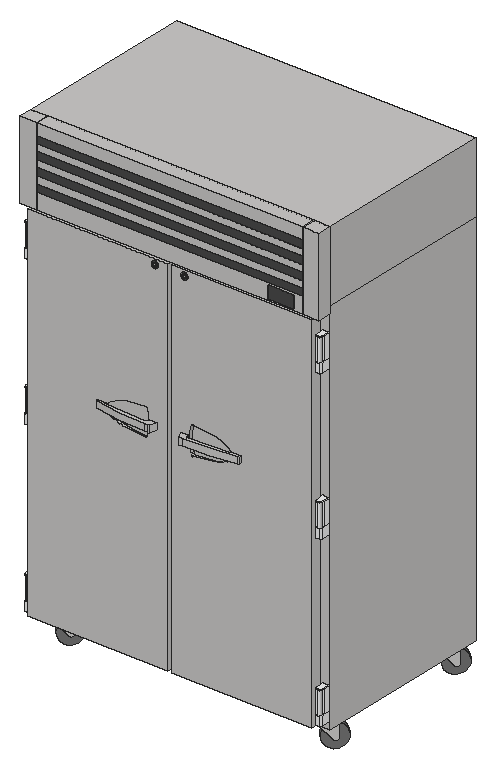
Revit family "QF_Turbo Air_PRO-50R", category Specialty Equipment, Revit 2014
Parameters
  Width = 4' - 3 3/4"  # constant formula
  Weight in Pounds = 485
  Watermarked By = ""
  Volts = 115 V
  URL Cutsheet = ""
  URL = "www.turboairinc.com"
  Status [instance] = ""
  Specification by User [instance] = ""
  Specification by Manufacturer [instance] = ""
  Serial Number [instance] = ""
  Revision Code [instance] = ""
  Phase = 1
  Overall Height [instance] = Box Height + CasterLeg Height  # 6' - 11"
  Number of Poles [instance] = 1
  NAFEM Spec ID Number [instance] = ""
  Model = "PRO-50R"
  Masterspec [instance] = ""
  Manufacturer = "Turbo Air"  # constant formula
  Door Height = 5' - 3 1/4"  # constant formula
  Description = "Refrigerator, Reach In"
  Assembly Code = "E1090320"
  6 inch Legs [instance] = no
  Item Number [instance] = "-"
  Installed By [instance] = ""
  HP = "1/2"
  Furnished By [instance] = ""
  Foodservice Equipment Identifier = yes
  FL Amps = 9.1 A
  Electrical Remarks [instance] = ""
  Electric Connection Type = ""
  Elec Conn RI Height [instance] = 0' - 0"
  Elec Conn Connection Height = 6' - 4 7/8"
  Cycle = 60 Hz
  Conn Plug = "NEMA 5-15P"
  Casters [instance] = not([6 inch Legs])  # yes
  CasterLeg Height [instance] = if(or([5 inch Casters], [6 inch Legs]), 0' 6", 0' 5")  # 0' - 5"
  CSI MasterFormat = "11 41 13"
  Box Height = 6' - 6"  # constant formula
  Apparent Power = if(Phase = 3, Volts * FL Amps * 1.73, Volts * FL Amps)  # 1046.5 VA
  5 inch Casters [instance] = no
Reference planes (in)
  plane 1 "BACK": y = 0
  plane 2: z = 0
  plane 3 "LEFT": x = -16.56573
  plane 4 "RIGHT": x = 35.18427
  plane 5 "FRONT": y = -33.875
  plane 6 "Box Front": y = -31.5
  plane 7 "Door Clearance": y = -57.75
  plane 8 "TOP": z = 83
  plane 9 "Box Bottom": z = 5
  plane 10 "Door Bottom": z = 5.875
  plane 11 "Door Top": z = 69.125
  plane 12 "Inside Left": x = -14.56573
  plane 13 "Inside Right": x = 33.18427
  plane 14 "Inside Back": y = -2
  plane 15 "Inside Front": y = -29.5
  plane 16 "Inside Top": z = 70.75
  plane 17 "Center LR": x = 9.30927
  plane 18 "Cowl Bottom": z = 69.5
  plane 19 "Left Door Left": x = -15.31573
  plane 20 "Left Door Right": x = 8.93427
  plane 21 "Right Door Left": x = 9.68427
  plane 22 "Right Door Right": x = 33.93427
Forms (in)
  Extrusion 1, solid, material "QF_Stainless-Polished"
    sketch origin (0, 0, 5) x (0, 1, 0) y (-1, 0, 0)
      loop
        line (-31.5, 16.56573) -> (-31.5, 13.81573) -> (-29.5, 13.81573) -> (-29.5, 14.56573) -> (-2, 14.56573) -> (-2, -33.18427) -> (-29.5, -33.18427) -> (-29.5, -32.43427) -> (-31.5, -32.43427) -> (-31.5, -35.18427) -> (0, -35.18427) -> (0, 16.56573) -> (-31.5, 16.56573)
    from 0 to 65.75
  Extrusion 2, solid, material "QF_Stainless-Polished"
    sketch origin (-14.56573, 0, 0) x (0, 1, 0) y (0, 0, 1)
      loop
        line (-29.5, 7.75) -> (-29.5, 5) -> (-2, 5) -> (-2, 7.75) -> (-29.5, 7.75)
      loop
        line (-29.5, 70.75) -> (-29.5, 69.375) -> (-2, 69.375) -> (-2, 70.75) -> (-29.5, 70.75)
    from 0 to 47.75
  Extrusion 3, solid, material "QF_Stainless-Polished"
    sketch origin (-14.56573, 0, 0) x (0, 1, 0) y (0, 0, 1)
      loop
        line (-29.5, 5) -> (-29.5, 8.25) -> (-31.5, 8.25) -> (-31.5, 5) -> (-29.5, 5)
      loop
        line (-31.5, 70.75) -> (-31.5, 67) -> (-29.5, 67) -> (-29.5, 70.75) -> (-31.5, 70.75)
    from 0.75 to 47
  Extrusion 4, solid, material "QF_Stainless-Polished"
    sketch origin (0, 0, 83) x (0, 1, 0) y (-1, 0, 0)
      loop
        line (0, 16.56573) -> (-31.5, 16.56573) -> (-31.5, -35.18427) -> (0, -35.18427) -> (0, 16.56573)
    from 0 to -12.25
  Extrusion 5, solid, material "QF_Stainless-Polished"
    sketch origin (-14.56573, 0, 0) x (0, 1, 0) y (0, 0, 1)
      loop
        line (-2, 69.375) -> (-27.25, 69.375) -> (-25, 68.125) -> (-13.25, 68.125) -> (-3.25, 65.625) -> (-2, 65.625) -> (-2, 69.375)
    from 0 to 47.75
  Extrusion 6, solid, material "QF_Stainless-Polished"
    sketch origin (9.30927, 0, 0) x (0, 1, 0) y (0, 0, 1)
      loop
        line (-3.25, 65.625) -> (-3.25, 28.875) -> (-2, 28.875) -> (-2, 65.625) -> (-3.25, 65.625)
    from 0.25 to -0.25
  Extrusion 7, solid, material "QF_Plastic-Black-Fine Textured"
    sketch origin (0, -31.5, 0) x (1, 0, 0) y (0, 0, 1)
      loop
        line (-14.31573, 67.75) -> (-14.31573, 7.25) -> (7.93427, 7.25) -> (7.93427, 67.75) -> (-14.31573, 67.75)
      loop
        line (32.93427, 7.25) -> (32.93427, 67.75) -> (10.68427, 67.75) -> (10.68427, 7.25) -> (32.93427, 7.25)
      loop
        line (-14.56573, 7) -> (8.18427, 7) -> (8.18427, 68) -> (-14.56573, 68) -> (-14.56573, 7)
      loop
        line (33.18427, 68) -> (10.43427, 68) -> (10.43427, 7) -> (33.18427, 7) -> (33.18427, 68)
    from 0 to 0.625
  Extrusion 8, solid, material "QF_Stainless-Polished"
    sketch origin (0, -31.5, 0) x (1, 0, 0) y (0, 0, 1)
      loop
        line (-16.56573, 83) -> (-16.56573, 69.5) -> (-13.75323, 69.5) -> (-13.75323, 83) -> (-16.56573, 83)
      loop
        line (35.18427, 83) -> (32.37177, 83) -> (32.37177, 69.5) -> (35.18427, 69.5) -> (35.18427, 83)
    from 0 to 2.375
  Extrusion 9, solid, material "QF_Stainless-Polished"
    sketch origin (0, -31.5, 0) x (1, 0, 0) y (0, 0, 1)
      loop
        line (-13.75323, 83) -> (-13.75323, 81) -> (32.37177, 81) -> (32.37177, 83) -> (-13.75323, 83)
      loop
        line (-13.75323, 69.5) -> (32.37177, 69.5) -> (32.37177, 72.25) -> (-13.75323, 72.25) -> (-13.75323, 69.5)
      loop
        arc (30.87177, 71.75) -> (30.81686, 71.88258) -> (30.68427, 71.9375) r 0.1875
        line (30.68427, 71.9375) -> (26.55927, 71.9375)
        arc (26.55927, 71.9375) -> (26.42669, 71.88258) -> (26.37177, 71.75) r 0.1875
        line (26.37177, 71.75) -> (26.37177, 69.9375)
        arc (26.37177, 69.9375) -> (26.42669, 69.80492) -> (26.55927, 69.75) r 0.1875
        line (26.55927, 69.75) -> (30.68427, 69.75)
        arc (30.68427, 69.75) -> (30.81686, 69.80492) -> (30.87177, 69.9375) r 0.1875
        line (30.87177, 69.9375) -> (30.87177, 71.75)
    from 0 to 2.375
  Extrusion 10, solid, material "QF_Stainless-Polished"
    sketch origin (0, -31.5, 0) x (1, 0, 0) y (0, 0, 1)
      loop
        line (-13.75323, 79.6875) -> (-13.75323, 78.5625) -> (32.37177, 78.5625) -> (32.37177, 79.6875) -> (-13.75323, 79.6875)
      loop
        line (32.37177, 77.1875) -> (-13.75323, 77.1875) -> (-13.75323, 76.0625) -> (32.37177, 76.0625) -> (32.37177, 77.1875)
      loop
        line (32.37177, 74.6875) -> (-13.75323, 74.6875) -> (-13.75323, 73.5625) -> (32.37177, 73.5625) -> (32.37177, 74.6875)
    from 0 to 2.375
  Extrusion 11, solid, material "QF_Plastic-Black-Fine Textured"
    sketch origin (0, -31.5, 0) x (1, 0, 0) y (0, 0, 1)
      loop
        line (-13.75323, 81) -> (-13.75323, 79.6875) -> (32.37177, 79.6875) -> (32.37177, 81) -> (-13.75323, 81)
      loop
        line (-13.75323, 78.5625) -> (-13.75323, 77.1875) -> (32.37177, 77.1875) -> (32.37177, 78.5625) -> (-13.75323, 78.5625)
      loop
        line (-13.75323, 76.0625) -> (-13.75323, 74.6875) -> (32.37177, 74.6875) -> (32.37177, 76.0625) -> (-13.75323, 76.0625)
      loop
        line (-13.75323, 73.5625) -> (-13.75323, 72.25) -> (32.37177, 72.25) -> (32.37177, 73.5625) -> (-13.75323, 73.5625)
    from 0 to 2.375
  Extrusion 12, solid, material "QF_Plastic-Black-Fine Textured"
    sketch origin (0, -31.5, 0) x (1, 0, 0) y (0, 0, 1)
      loop
        arc (26.55927, 71.9375) -> (26.42669, 71.88258) -> (26.37177, 71.75) r 0.1875
        line (26.37177, 71.75) -> (26.37177, 69.9375)
        arc (26.37177, 69.9375) -> (26.42669, 69.80492) -> (26.55927, 69.75) r 0.1875
        line (26.55927, 69.75) -> (30.68427, 69.75)
        arc (30.68427, 69.75) -> (30.81686, 69.80492) -> (30.87177, 69.9375) r 0.1875
        line (30.87177, 69.9375) -> (30.87177, 71.75)
        arc (30.87177, 71.75) -> (30.81686, 71.88258) -> (30.68427, 71.9375) r 0.1875
        line (30.68427, 71.9375) -> (26.55927, 71.9375)
    from 0 to 2.375
  Extrusion 13, solid, material "QF_Clearance", detail levels coarse+medium
    sketch origin (0, 0, 5.875) x (0, 1, 0) y (-1, 0, 0)
      loop
        line (-33.875, 16.56573) -> (-57.75, 16.56573)
        arc (-57.75, 16.56573) -> (-51.23446, -1.26072) -> (-33.875, -8.93427) r 24.25
        line (-33.875, -8.93427) -> (-33.875, 16.56573)
    from 0 to 63.25
  Extrusion 14, solid, material "QF_Clearance", detail levels coarse+medium
    sketch origin (26.25, 0, 5.875) x (0, 1, 0) y (-1, 0, 0)
      loop
        arc (-33.875, 16.56573) -> (-51.23446, 8.89217) -> (-57.75, -8.93427) r 24.25
        line (-57.75, -8.93427) -> (-33.875, -8.93427) -> (-33.875, 16.56573)
    from 0 to 63.25
  Extrusion 15, solid, material "QF_Stainless-Polished"
    sketch origin (0, -31.5, 0) x (1, 0, 0) y (0, 0, 1)
      loop
        line (11.24677, 67) -> (7.37177, 67) -> (7.37177, 8.25) -> (11.24677, 8.25) -> (11.24677, 67)
    from 0 to -2
Lines and regions (in)
  symbolic lines
    curve 1: line (-16.56573, 0, 83) -> (35.18427, 0, 83)
    curve 2: line (-16.56573, -33.875, 83) -> (-16.56573, 0, 83)
    curve 3: line (35.18427, -33.875, 83) -> (-16.56573, -33.875, 83)
    curve 4: line (35.18427, 0, 83) -> (35.18427, -33.875, 83)
  symbolic lines, style "QF_Clearances_Door_Drawer"
    curve 5: line (-16.56573, -33.875, 5.875) -> (-16.56573, -57.75, 5.875)
    curve 6: arc (-16.56573, -57.75, 5.875) -> (1.26072, -51.23446, 5.875) -> (8.93427, -33.875, 5.875) r 24.25
    curve 7: arc (9.68427, -33.875, 5.875) -> (17.35783, -51.23446, 5.875) -> (35.18427, -57.75, 5.875) r 24.25
    curve 8: line (35.18427, -57.75, 5.875) -> (35.18427, -33.875, 5.875)
Dimensions and locks (in)
  "Width": plane 4 "RIGHT" to plane 3 "LEFT"
  plane 5 "FRONT" to plane 6 "Box Front" = 0' - 2 3/8"
  locked: plane 7 "Door Clearance" to plane 5 "FRONT" at 23.875
  "CasterLeg Height": plane 9 "Box Bottom" to level
  locked: plane 10 "Door Bottom" to plane 9 "Box Bottom" at 0.875
  "Box Height": plane 8 "TOP" to plane 9 "Box Bottom"
  locked: plane 8 "TOP" to plane 11 "Door Top" at 13.875
  locked: plane 3 "LEFT" to plane 12 "Inside Left" at 2
  locked: plane 13 "Inside Right" to plane 4 "RIGHT" at 2
  locked: plane 14 "Inside Back" to plane 1 "BACK" at 2
  plane 6 "Box Front" to plane 15 "Inside Front" = 0' - 2"
  locked: plane 12 "Inside Left" to Extrusion 1 sketch curve at 0.75
  locked: Extrusion 1 sketch curve to plane 13 "Inside Right" at 0.75
  locked: plane 8 "TOP" to plane 16 "Inside Top" at 12.25
  locked: plane 9 "Box Bottom" to Extrusion 2 sketch curve at 2.75
  locked: Extrusion 3 sketch curve to plane 9 "Box Bottom" at 3.25
  locked: plane 16 "Inside Top" to Extrusion 2 sketch curve at 1.375
  locked: Extrusion 3 sketch curve to plane 16 "Inside Top" at 3.75
  locked: plane 16 "Inside Top" to Extrusion 5 sketch curve at 1.375
  locked: Extrusion 5 sketch curve to Extrusion 5 sketch curve at 1.25
  locked: Extrusion 5 sketch curve to Extrusion 5 sketch curve at 11.75
  locked: Extrusion 5 sketch curve to plane 14 "Inside Back" at 25.25
  locked: Extrusion 5 sketch curve to plane 14 "Inside Back" at 1.25
  locked: Extrusion 5 sketch curve to plane 14 "Inside Back" at 11.25
  locked: Extrusion 5 sketch curve to Extrusion 5 sketch curve at 3.75
  equal spacing: plane 3 "LEFT", plane 17 "Center LR", plane 4 "RIGHT"
  locked: plane 16 "Inside Top" to Extrusion 6 sketch curve at 5.125
  locked: Extrusion 6 sketch curve to Extrusion 6 sketch curve at 36.75
  locked: Extrusion 6 sketch curve to plane 14 "Inside Back" at 1.25
  locked: Extrusion 7 sketch curve to Extrusion 7 sketch curve at 0.25  (x8)
  locked: Extrusion 7 sketch curve to plane 3 "LEFT" at 2
  locked: Extrusion 7 sketch curve to plane 4 "RIGHT" at 2
  locked: plane 11 "Door Top" to Extrusion 7 sketch curve at 1.125  (x2)
  locked: Extrusion 7 sketch curve to plane 10 "Door Bottom" at 1.125  (x2)
  locked: plane 18 "Cowl Bottom" to plane 11 "Door Top" at 0.375
  locked: plane 3 "LEFT" to nested 1 at 3
  locked: nested 1 to plane 1 "BACK" at 2.5
  locked: plane 3 "LEFT" to nested 2 at 3
  locked: plane 6 "Box Front" to nested 2 at 2.8125
  locked: nested 3 to plane 4 "RIGHT" at 3
  locked: nested 3 to plane 1 "BACK" at 2.5
  locked: nested 4 to plane 4 "RIGHT" at 3
  locked: plane 6 "Box Front" to nested 4 at 2.8125
  locked: plane 3 "LEFT" to Extrusion 8 sketch curve at 2.8125
  locked: Extrusion 8 sketch curve to plane 4 "RIGHT" at 2.8125
  locked: Extrusion 9 sketch curve to plane 3 "LEFT" at 2.8125  (x2)
  locked: plane 8 "TOP" to Extrusion 9 sketch curve at 2
  locked: Extrusion 9 sketch curve to plane 4 "RIGHT" at 2.8125  (x2)
  locked: Extrusion 9 sketch curve to plane 18 "Cowl Bottom" at 2.75
  locked: Extrusion 9 sketch curve to Extrusion 9 sketch curve at 4.5
  locked: Extrusion 9 sketch curve to plane 4 "RIGHT" at 4.3125
  locked: Extrusion 9 sketch curve to Extrusion 9 sketch curve at 2.1875
  locked: Extrusion 9 sketch curve to Extrusion 9 sketch curve at 0.3125
  locked: Extrusion 10 sketch curve to plane 3 "LEFT" at 2.8125  (x3)
  locked: Extrusion 10 sketch curve to plane 4 "RIGHT" at 2.8125  (x3)
  locked: plane 8 "TOP" to Extrusion 10 sketch curve at 3.3125
  locked: Extrusion 10 sketch curve to Extrusion 10 sketch curve at 1.125  (x3)
  locked: Extrusion 10 sketch curve to Extrusion 10 sketch curve at 1.375  (x2)
  locked: plane 3 "LEFT" to plane 19 "Left Door Left" at 1.25
  locked: plane 19 "Left Door Left" to plane 20 "Left Door Right" at 24.25
  locked: plane 22 "Right Door Right" to plane 4 "RIGHT" at 1.25
  locked: plane 21 "Right Door Left" to plane 22 "Right Door Right" at 24.25
  locked: plane 16 "Inside Top" to Extrusion 15 sketch curve at 3.75
  Extrusion 15 sketch curve to plane 17 "Center LR" to Extrusion 15 sketch curve = 0' - 1 15/16" locked, 0' - 1 15/16" locked
  locked: Extrusion 15 sketch curve to plane 9 "Box Bottom" at 3.25
  locked: Extrusion 7 sketch curve to plane 20 "Left Door Right" at 0.75
  locked: Extrusion 7 sketch curve to plane 21 "Right Door Left" at 0.75
  locked: plane 6 "Box Front" to plane 1 "BACK" at 31.5
  aligned and locked: level to plane 2
  aligned and locked: Extrusion 1 sketch curve to plane 3 "LEFT"
  aligned and locked: plane 12 "Inside Left" to Extrusion 1 sketch curve
  aligned and locked: Extrusion 1 sketch curve to plane 13 "Inside Right"
  aligned and locked: plane 4 "RIGHT" to Extrusion 1 sketch curve
  aligned and locked: plane 14 "Inside Back" to Extrusion 1 sketch curve
  aligned and locked: Extrusion 1 sketch curve to plane 1 "BACK"
  aligned and locked: Extrusion 1 sketch curve to plane 15 "Inside Front"  (x2)
  aligned and locked: plane 6 "Box Front" to Extrusion 1 sketch curve  (x2)
  aligned and locked: plane 16 "Inside Top" to Extrusion 1
  aligned and locked: plane 9 "Box Bottom" to Extrusion 2 sketch curve
  aligned and locked: plane 15 "Inside Front" to Extrusion 2 sketch curve
  aligned and locked: plane 14 "Inside Back" to Extrusion 2 sketch curve  (x2)
  aligned and locked: plane 13 "Inside Right" to Extrusion 2
  aligned and locked: plane 6 "Box Front" to Extrusion 3 sketch curve  (x2)
  aligned and locked: Extrusion 3 sketch curve to plane 9 "Box Bottom"
  aligned and locked: Extrusion 3 sketch curve to plane 15 "Inside Front"  (x2)
  aligned and locked: Extrusion 3 to Extrusion 1  (x2)
  aligned and locked: Extrusion 2 sketch curve to plane 16 "Inside Top"
  aligned and locked: Extrusion 2 sketch curve to plane 15 "Inside Front"
  aligned and locked: plane 16 "Inside Top" to Extrusion 3 sketch curve
  aligned and locked: plane 1 "BACK" to Extrusion 4 sketch curve
  aligned and locked: plane 3 "LEFT" to Extrusion 4 sketch curve
  aligned and locked: Extrusion 4 sketch curve to plane 6 "Box Front"
  aligned and locked: Extrusion 4 sketch curve to plane 4 "RIGHT"
  aligned and locked: Extrusion 4 to plane 16 "Inside Top"
  aligned and locked: plane 14 "Inside Back" to Extrusion 5 sketch curve
  aligned and locked: plane 13 "Inside Right" to Extrusion 5
  aligned and locked: Extrusion 6 sketch curve to plane 14 "Inside Back"
  aligned and locked: plane 5 "FRONT" to Extrusion 8
  aligned and locked: plane 3 "LEFT" to curve 2
  aligned and locked: curve 3 to plane 5 "FRONT"
  aligned and locked: curve 4 to plane 4 "RIGHT"
  aligned and locked: plane 1 "BACK" to curve 1
  aligned and locked: plane 18 "Cowl Bottom" to Extrusion 8 sketch curve
  aligned and locked: plane 3 "LEFT" to Extrusion 8 sketch curve
  aligned and locked: Extrusion 8 sketch curve to plane 8 "TOP"
  aligned and locked: plane 8 "TOP" to Extrusion 8 sketch curve
  aligned and locked: plane 4 "RIGHT" to Extrusion 8 sketch curve
  aligned and locked: Extrusion 8 sketch curve to plane 18 "Cowl Bottom"
  aligned and locked: Extrusion 9 sketch curve to plane 8 "TOP"
  aligned and locked: plane 18 "Cowl Bottom" to Extrusion 9 sketch curve
  aligned and locked: plane 5 "FRONT" to Extrusion 9
  aligned and locked: plane 5 "FRONT" to Extrusion 10
  aligned and locked: Extrusion 11 sketch curve to Extrusion 9  (x4)
  aligned and locked: Extrusion 11 sketch curve to Extrusion 10  (x12)
  aligned and locked: plane 5 "FRONT" to Extrusion 11
  aligned and locked: Extrusion 12 sketch curve to Extrusion 9  (x4)
  aligned and locked: plane 5 "FRONT" to Extrusion 12
  aligned and locked: plane 10 "Door Bottom" to nested 5
  aligned and locked: nested 5 to plane 11 "Door Top"
  aligned and locked: plane 3 "LEFT" to nested 5
  aligned and locked: plane 20 "Left Door Right" to nested 5
  aligned and locked: plane 11 "Door Top" to Extrusion 13
  aligned and locked: nested 6 to plane 10 "Door Bottom"
  aligned and locked: plane 4 "RIGHT" to nested 6
  aligned and locked: plane 21 "Right Door Left" to nested 6
  aligned and locked: plane 11 "Door Top" to Extrusion 14
Automatic sketch dimensions
  Extrusion 9 sketch curve to Extrusion 9 sketch curve = 0' - 0 3/16"  (x4)
  curve 5 to plane 3 "LEFT" = 0' - 0"
  plane 7 "Door Clearance" to curve 5 = 0' - 0"
  curve 8 to plane 4 "RIGHT" = 0' - 0"
  plane 7 "Door Clearance" to curve 8 = 0' - 0"
  plane 5 "FRONT" to curve 5 = 0' - 0"
  plane 19 "Left Door Left" to curve 6 = 0' - 0.00242"
  curve 7 to plane 22 "Right Door Right" = 0' - 0.00242"
  Extrusion 13 sketch curve to plane 3 "LEFT" = 0' - 0"
  plane 7 "Door Clearance" to Extrusion 13 sketch curve = 0' - 0"
  plane 5 "FRONT" to Extrusion 13 sketch curve = 0' - 0"
  Extrusion 13 sketch curve to plane 20 "Left Door Right" = 0' - 0"
  plane 19 "Left Door Left" to Extrusion 13 sketch curve = 0' - 0.00242"
  Extrusion 14 sketch curve to plane 4 "RIGHT" = 0' - 0"
  plane 7 "Door Clearance" to Extrusion 14 sketch curve = 0' - 0"
  plane 5 "FRONT" to Extrusion 14 sketch curve = 0' - 0"
  Extrusion 14 sketch curve to plane 21 "Right Door Left" = 0' - 0"
  Extrusion 14 sketch curve to plane 22 "Right Door Right" = 0' - 0.00242"
  plane 5 "FRONT" to curve 6 = 0' - 0"
  curve 6 to plane 20 "Left Door Right" = 0' - 0"
  plane 5 "FRONT" to curve 7 = 0' - 0"
  curve 7 to plane 21 "Right Door Left" = 0' - 0"
  plane 5 "FRONT" to curve 8 = 0' - 0"
Nested families (in)
  nested 1: "FESCasterLeg" at (-13.56573, -2.5, 0), Casters <- "Casters", Legs <- "6 inch Legs", Height <- "CasterLeg Height", type "FESCasterLeg"
    with Legs no, Height 0' - 5", Casters yes, Caster Radius 0' - 2"
  nested 2: "FESCasterLeg" at (-13.56573, -28.6875, 0), Casters <- "Casters", Legs <- "6 inch Legs", Height <- "CasterLeg Height", type "FESCasterLeg"
    with Legs no, Height 0' - 5", Casters yes, Caster Radius 0' - 2"
  nested 3: "FESCasterLeg" at (32.18427, -2.5, 0), Casters <- "Casters", Legs <- "6 inch Legs", Height <- "CasterLeg Height", type "FESCasterLeg"
    with Legs no, Height 0' - 5", Casters yes, Caster Radius 0' - 2"
  nested 4: "FESCasterLeg" at (32.18427, -28.6875, 0), Casters <- "Casters", Legs <- "6 inch Legs", Height <- "CasterLeg Height", type "FESCasterLeg"
    with Legs no, Height 0' - 5", Casters yes, Caster Radius 0' - 2"
  nested 5: "QF_Turbo Air_RI-Solid Door" at (-7.63145, -32.125, 5.875) x (-1, 0, 0) z (0, 0, 1), Height <- "Door Height", type "QF_Turbo Air_RI-Solid Door"
    with Width 2' - 0 1/4", Symbolic Lines Handle yes, Symbolic Lines no, Height 5' - 3 1/4", Handle From Top 2' - 1 7/8", Center Hinge yes
  nested 6: "QF_Turbo Air_RI-Solid Door" at (26.25, -32.125, 5.875), Height <- "Door Height", type "QF_Turbo Air_RI-Solid Door"
    with Width 2' - 0 1/4", Symbolic Lines Handle yes, Symbolic Lines no, Height 5' - 3 1/4", Handle From Top 2' - 1 7/8", Center Hinge yes
Connectors (in)
  electrical at (9.30927, 0, 76.875)
    settings: on Extrusion 4, index 1, voltage 0 V, apparent load 0 VA, apparent load phase1 0 VA, apparent load phase2 0 VA, apparent load phase3 0 VA, power factor 1, load classification "Other", number of poles 1, system type 31, power factor state 1, is connector primary yes, connector utility no, sub classification motor no, connector description ""
Definition of nested family "FESCasterLeg"
  Parameters
    Watermarked By = "http://revitwatermark.com"
    Type Comments = ""
    Legs [instance] = yes
    Height [instance] = 0' - 6"
    Caster Radius [instance] = if(Height < 0' 3", 0' 1", (Height / 2) - 0' 0 1/2")  # 0' - 2 1/2"
    Casters [instance] = yes
    Assembly Code = ""
  Reference planes (in)
    plane 1 "Center (Front/Back)": y = 0
    plane 2: z = 0
    plane 3 "Center (Left/Right)": x = 0
    plane 4: z = 6
    plane 5: z = 5.5
  Forms (in)
    Extrusion 1, solid, material "QF_Stainless-Polished", visible <- "Casters"
      sketch origin (-24.12131, -22.88887, 10.18833) x (0.707107, 0.707107, 0) y (0, 0, 1)
        loop
          line (34.98772, -7.68833) -> (34.98772, -4.93833) -> (34.48772, -4.93833) -> (34.39402, -4.68833) -> (32.39402, -4.68833) -> (32.39402, -5.43833) -> (33.98772, -7.34206) -> (33.98772, -7.68833)
          arc (33.98772, -7.68833) -> (34.48772, -8.18833) -> (34.98772, -7.68833) r 0.5
      from 0 to 1.75
    Extrusion 2, solid, material "QF_Rubber-Black", visible <- "Casters"
      sketch origin (-24.32327, -23.09083, 13.31461) x (0.707107, 0.707107, 0) y (0, 0, 1)
        loop
          circle (34.77334, -10.81461) r 2.5
      from 0.375 to 1.375
    Extrusion 3, solid, material "QF_Stainless-Polished", visible <- "Casters"
      sketch origin (-7.24148, -8.48391, 0) x (0.707107, 0.707107, 0) y (0, 0, 1)
        loop
          line (10.61603, 5.5) -> (11.61603, 5.5) -> (11.61603, 6) -> (10.61603, 6) -> (10.61603, 5.5)
      from 0 to -1.75
    Blend 4, solid, material "QF_Stainless-Polished", visible <- "Legs"
      base sketch origin (0, 0, 0) x (1, 0, 0) y (0, 1, 0)
        loop
          circle (0, 0) r 0.5
      top sketch origin (0, 0, 0) x (1, 0, 0) y (0, 1, 0)
        loop
          circle (0, 0) r 1
      from 0 to 6 <- "Height"
  Lines and regions (in)
    symbolic lines, style "QF_Details_Undercounter", visible <- "Casters", built-in parameter 1006206 <- "Casters"
      curve 1: line (-1.26158, -0.51911, 0) -> (1.39007, 2.13254, 0)
      curve 2: line (-0.53429, -1.24639, 0) -> (2.11736, 1.40526, 0)
    symbolic lines, style "QF_Details_Undercounter", built-in parameter 1006206 <- "Casters", visible <- "Casters"
      curve 3: line (-1.26158, -0.51911, 0) -> (1.39007, 2.13254, 0)
      curve 4: line (-0.53429, -1.24639, 0) -> (2.11736, 1.40526, 0)
  Dimensions and locks (in)
    locked: plane 4 to plane 5 at 0.5
    "Height": plane 4 to level
    "Caster Radius": Extrusion 2 sketch curve to level
    "Caster Radius": Extrusion 1 sketch curve to level
    "Caster Radius": radius of Extrusion 2 sketch curve
    aligned and locked: plane 2 to level
    aligned: Blend 4 to Extrusion 3
    aligned and locked: plane 4 to Blend 4
    aligned and locked: Extrusion 3 to plane 5
    aligned and locked: plane 4 to Extrusion 3
    aligned and locked: plane 5 to Extrusion 1
  Automatic sketch dimensions
    plane 1 "Center (Front/Back)" to curve 3 = 0' - 0.51911"
    curve 3 to plane 3 "Center (Left/Right)" = 0' - 1.26158"
    plane 1 "Center (Front/Back)" to curve 1 = 0' - 0.51911"
    curve 1 to curve 3 = 0' - 0"  (x3)
    curve 4 to plane 3 "Center (Left/Right)" = 0' - 0.53429"
    curve 2 to curve 4 = 0' - 0"  (x2)
    plane 3 "Center (Left/Right)" to curve 3 = 0' - 1.39007"
    curve 1 to curve 4 = 0' - 0.72729"
    curve 2 to curve 1 = 0' - 0.72729"
    curve 4 to curve 2 = 0' - 0"  (x2)
    curve 2 to plane 1 "Center (Front/Back)" = 0' - 1.40526"
    curve 2 to curve 3 = 0' - 0.72729"
    Extrusion 3 sketch curve to plane 5 = 0' - 0"
    plane 4 to Extrusion 3 sketch curve = 0' - 0"
    Extrusion 3 sketch curve to Extrusion 3 sketch curve = 0' - 1"
    plane 1 "Center (Front/Back)" to Blend 4 sketch curve = 0' - 0"  (x2)
    Blend 4 sketch curve to plane 3 "Center (Left/Right)" = 0' - 0"  (x2)
    Extrusion 1 sketch curve to plane 5 = 0' - 0"
    Extrusion 1 sketch curve to plane 5 = 0' - 2.65373"
    Extrusion 1 sketch curve to Extrusion 1 sketch curve = 0' - 1.5937"
    Extrusion 1 sketch curve to Extrusion 1 sketch curve = 0' - 2"
    Extrusion 1 sketch curve to Extrusion 1 sketch curve = 0' - 0.0937"
    Extrusion 1 sketch curve to Extrusion 1 sketch curve = 0' - 0 1/2"
    Extrusion 1 sketch curve to plane 5 = 0' - 0 3/4"
    Extrusion 1 sketch curve to plane 5 = 0' - 0 1/4"
    radius of Blend 4 sketch curve = 0' - 0 1/2"
    radius of Blend 4 sketch curve = 0' - 1"
Definition of nested family "QF_Turbo Air_RI-Solid Door"
  Parameters (values of type "QF_Turbo Air_RI-Solid Door")
    Width [instance] = 2' - 2 1/4"
    Watermarked By = ""
    Symbolic Lines Handle [instance] = yes
    Symbolic Lines [instance] = yes
    Height [instance] = 5' - 3 1/4"
    Handle From Top [instance] = 2' - 1 7/8"
    Center Hinge [instance] = yes
  Reference planes (in)
    plane 1 "Door Back": y = 0
    plane 2: z = 0
    plane 3 "LEFT": x = -16.56573
    plane 4 "Door Front": y = -1.75
    plane 5 "Handle Front": y = -3.0625
    plane 6 "Door Right": x = 9.68427
    plane 7 "TOP": z = 63.25
    plane 8 "Handle Elevation": z = 37.375
    plane 9 "Hinge Right": x = 10.93427
    plane 10 "Top Hinge Top": z = 60.75
    plane 11 "Top Hinge Bottom": z = 55
    plane 12: z = 56.625
    plane 13 "Center TB": z = 31.625
    plane 14 "Center Hinge Top": z = 35.0625
    plane 15 "Center Hinge Bottom": z = 29.3125
    plane 16: z = 30.9375
    plane 17 "Bottom Hinge Top": z = 6
    plane 18 "Bottom Hinge Bottom": z = 0.25
    plane 19: z = 1.875
    plane 20 "Hinges Front": y = -1.1875
    plane 21 "Hinges Back": y = 0.625
  Forms (in)
    Extrusion 1, solid, material "QF_Stainless-Polished"
      sketch origin (0, 0, 0) x (1, 0, 0) y (0, 0, 1)
        loop
          line (-16.56573, 63.25) -> (-16.56573, 0) -> (9.68427, 0) -> (9.68427, 63.25) -> (-16.56573, 63.25)
        loop
          arc (-13.15519, 39.61272) -> (-13.41636, 38.50742) -> (-13.50323, 37.375) r 7.3125
          arc (-13.50323, 37.375) -> (-13.41636, 36.24258) -> (-13.15519, 35.13728) r 7.3125
          arc (-13.15519, 35.13728) -> (-13.01711, 34.94724) -> (-12.79306, 34.87662) r 0.375
          arc (-12.79306, 34.87662) -> (-11.04564, 34.98179) -> (-9.31573, 35.25) r 18.6875
          arc (-9.31573, 35.25) -> (-7.55515, 35.84984) -> (-6.00323, 36.875) r 7.30243
          arc (-6.00323, 36.875) -> (-5.85876, 37.375) -> (-6.00323, 37.875) r 0.9375
          arc (-6.00323, 37.875) -> (-7.55515, 38.90016) -> (-9.31573, 39.5) r 7.30243
          arc (-9.31573, 39.5) -> (-11.04564, 39.76821) -> (-12.79306, 39.87338) r 18.6875
          arc (-12.79306, 39.87338) -> (-13.01711, 39.80276) -> (-13.15519, 39.61272) r 0.375
      from 0 to 1.75
    Extrusion 2, solid, material "QF_Stainless-Polished"
      sketch origin (0, 0, 0) x (1, 0, 0) y (0, 0, 1)
        loop
          arc (-13.15519, 39.61272) -> (-13.41636, 38.50742) -> (-13.50323, 37.375) r 7.3125
          arc (-13.50323, 37.375) -> (-13.41636, 36.24258) -> (-13.15519, 35.13728) r 7.3125
          arc (-13.15519, 35.13728) -> (-13.01711, 34.94724) -> (-12.79306, 34.87662) r 0.375
          arc (-12.79306, 34.87662) -> (-11.04564, 34.98179) -> (-9.31573, 35.25) r 18.6875
          arc (-9.31573, 35.25) -> (-7.55515, 35.84984) -> (-6.00323, 36.875) r 7.30243
          arc (-6.00323, 36.875) -> (-5.85876, 37.375) -> (-6.00323, 37.875) r 0.9375
          arc (-6.00323, 37.875) -> (-7.55515, 38.90016) -> (-9.31573, 39.5) r 7.30243
          arc (-9.31573, 39.5) -> (-11.04564, 39.76821) -> (-12.79306, 39.87338) r 18.6875
          arc (-12.79306, 39.87338) -> (-13.01711, 39.80276) -> (-13.15519, 39.61272) r 0.375
      from 0 to 1.25
    Extrusion 3, solid, material "QF_Stainless-Polished"
      sketch origin (0, 0, 37.375) x (0, 1, 0) y (-1, 0, 0)
        loop
          line (-1.75, 14.806) -> (-2.93294, 14.42164)
          arc (-2.93294, 14.42164) -> (-3.02669, 14.35352) -> (-3.0625, 14.24331) r 0.1875
          line (-3.0625, 14.24331) -> (-3.0625, 13.62954)
          arc (-3.0625, 13.62954) -> (-2.88483, 9.14446) -> (-2.21868, 4.70557) r 41.0625
          arc (-2.21868, 4.70557) -> (-2.15347, 4.59812) -> (-2.03505, 4.55599) r 0.1875
          line (-2.03505, 4.55599) -> (-1.75, 4.55599) -> (-1.75, 5.93099) -> (-1.83987, 5.93099)
          arc (-1.83987, 5.93099) -> (-1.96178, 5.97604) -> (-2.02512, 6.08952) r 0.1875
          arc (-2.02512, 6.08952) -> (-2.42253, 9.66014) -> (-2.50243, 13.25191) r 40.5625
          arc (-2.50243, 13.25191) -> (-2.47714, 13.3419) -> (-2.41155, 13.4085) r 0.1875
          line (-2.41155, 13.4085) -> (-1.75, 13.806) -> (-1.75, 14.806)
      from -0.5625 to 0.5625
    Extrusion 4, solid, material "QF_Steel-Chrome Plated"
      sketch origin (0, 0, 0.25) x (0, 1, 0) y (-1, 0, 0)
        loop
          line (0.625, -10.81225) -> (0.625, -9.7438) -> (-0.75, -9.80927) -> (-1.1875, -9.9342) -> (-1.1875, -10.62185) -> (-0.75, -10.74677) -> (0.625, -10.81225)
      from 0 to 1.625
    Extrusion 5, solid, material "QF_Steel-Chrome Plated"
      sketch origin (0, 0, 6) x (0, 1, 0) y (-1, 0, 0)
        loop
          line (-0.5625, -9.68427) -> (-1.1875, -9.68427) -> (-1.1875, -10.27802)
          arc (-1.1875, -10.27802) -> (-0.875, -10.59052) -> (-0.5625, -10.27802) r 0.3125
          line (-0.5625, -10.27802) -> (-0.5625, -9.68427)
      from -0.125 to -4.125
    Extrusion 6, solid, material "QF_Steel-Chrome Plated"
      sketch origin (0, 0, 6) x (0, 1, 0) y (-1, 0, 0)
        loop
          line (0.625, -9.7438) -> (-0.25, -9.78547) -> (-0.25, -10.77058) -> (0.625, -10.81225) -> (0.625, -9.7438)
      from -0.125 to -4.125
    Extrusion 7, solid, material "QF_Steel-Chrome Plated"
      sketch origin (0, 0, 6) x (0, 1, 0) y (-1, 0, 0)
        loop
          line (0.625, -10.81225) -> (0.625, -9.7438) -> (-0.75, -9.80927) -> (-1.1875, -9.9342) -> (-1.1875, -10.62185) -> (-0.75, -10.74677) -> (0.625, -10.81225)
      from 0 to -0.125
    Extrusion 8, solid, material "QF_Steel-Chrome Plated", visible <- "Center Hinge"
      sketch origin (0, 0, 29.3125) x (0, 1, 0) y (-1, 0, 0)
        loop
          line (0.625, -10.81225) -> (0.625, -9.7438) -> (-0.75, -9.80927) -> (-1.1875, -9.9342) -> (-1.1875, -10.62185) -> (-0.75, -10.74677) -> (0.625, -10.81225)
      from 0 to 1.625
    Extrusion 9, solid, material "QF_Steel-Chrome Plated", visible <- "Center Hinge"
      sketch origin (0, 0, 35.0625) x (0, 1, 0) y (-1, 0, 0)
        loop
          line (-0.5625, -9.68427) -> (-1.1875, -9.68427) -> (-1.1875, -10.27802)
          arc (-1.1875, -10.27802) -> (-0.875, -10.59052) -> (-0.5625, -10.27802) r 0.3125
          line (-0.5625, -10.27802) -> (-0.5625, -9.68427)
      from -0.125 to -4.125
    Extrusion 10, solid, material "QF_Steel-Chrome Plated", visible <- "Center Hinge"
      sketch origin (0, 0, 35.0625) x (0, 1, 0) y (-1, 0, 0)
        loop
          line (0.625, -9.7438) -> (-0.25, -9.78547) -> (-0.25, -10.77058) -> (0.625, -10.81225) -> (0.625, -9.7438)
      from -0.125 to -4.125
    Extrusion 11, solid, material "QF_Steel-Chrome Plated", visible <- "Center Hinge"
      sketch origin (0, 0, 35.0625) x (0, 1, 0) y (-1, 0, 0)
        loop
          line (0.625, -10.81225) -> (0.625, -9.7438) -> (-0.75, -9.80927) -> (-1.1875, -9.9342) -> (-1.1875, -10.62185) -> (-0.75, -10.74677) -> (0.625, -10.81225)
      from 0 to -0.125
    Extrusion 12, solid, material "QF_Steel-Chrome Plated"
      sketch origin (0, 0, 55) x (0, 1, 0) y (-1, 0, 0)
        loop
          line (0.625, -10.81225) -> (0.625, -9.7438) -> (-0.75, -9.80927) -> (-1.1875, -9.9342) -> (-1.1875, -10.62185) -> (-0.75, -10.74677) -> (0.625, -10.81225)
      from 0 to 1.625
    Extrusion 13, solid, material "QF_Steel-Chrome Plated"
      sketch origin (0, 0, 60.75) x (0, 1, 0) y (-1, 0, 0)
        loop
          line (-0.5625, -9.68427) -> (-1.1875, -9.68427) -> (-1.1875, -10.27802)
          arc (-1.1875, -10.27802) -> (-0.875, -10.59052) -> (-0.5625, -10.27802) r 0.3125
          line (-0.5625, -10.27802) -> (-0.5625, -9.68427)
      from -0.125 to -4.125
    Extrusion 14, solid, material "QF_Steel-Chrome Plated"
      sketch origin (0, 0, 60.75) x (0, 1, 0) y (-1, 0, 0)
        loop
          line (0.625, -9.7438) -> (-0.25, -9.78547) -> (-0.25, -10.77058) -> (0.625, -10.81225) -> (0.625, -9.7438)
      from -0.125 to -4.125
    Extrusion 15, solid, material "QF_Steel-Chrome Plated"
      sketch origin (0, 0, 60.75) x (0, 1, 0) y (-1, 0, 0)
        loop
          line (0.625, -10.81225) -> (0.625, -9.7438) -> (-0.75, -9.80927) -> (-1.1875, -9.9342) -> (-1.1875, -10.62185) -> (-0.75, -10.74677) -> (0.625, -10.81225)
      from 0 to -0.125
    Extrusion 16, void
      sketch origin (0, 0, 0) x (1, 0, 0) y (0, 0, 1)
        loop
          circle (-14.37823, 62.3125) r 0.5625
        loop
          circle (-14.37823, 62.3125) r 0.3125
      from 0 to 1.75
    Extrusion 17, solid, material "QF_Plastic-Black-Fine Textured"
      sketch origin (0, 0, 0) x (1, 0, 0) y (0, 0, 1)
        loop
          circle (-14.37823, 62.3125) r 0.5625
        loop
          circle (-14.37823, 62.3125) r 0.3125
      from 0 to 1.75
  Cuts and joins
    Extrusion 16 cuts Extrusion 1
  Lines and regions (in)
    symbolic lines, visible <- "Symbolic Lines"
      curve 1: line (-16.56573, 0, 6) -> (9.68427, 0, 6)
      curve 2: line (-16.56573, -1.75, 6) -> (-16.56573, 0, 6)
      curve 3: line (9.68427, -1.75, 6) -> (-16.56573, -1.75, 6)
      curve 4: line (9.68427, 0, 6) -> (9.68427, -1.75, 6)
      curve 5: line (10.81225, 0.625, 6) -> (9.7438, 0.625, 6)
      curve 6: line (10.74677, -0.75, 6) -> (10.81225, 0.625, 6)
      curve 7: line (10.62185, -1.1875, 6) -> (10.74677, -0.75, 6)
      curve 8: line (9.9342, -1.1875, 6) -> (10.62185, -1.1875, 6)
      curve 9: line (9.80927, -0.75, 6) -> (9.9342, -1.1875, 6)
      curve 10: line (9.7438, 0.625, 6) -> (9.80927, -0.75, 6)
    symbolic lines, visible <- "Symbolic Lines Handle"
      curve 11: line (-14.806, -1.75, 6) -> (-14.42164, -2.93294, 6)
      curve 12: arc (-14.42164, -2.93294, 6) -> (-14.35352, -3.02669, 6) -> (-14.24331, -3.0625, 6) r 0.1875
      curve 13: line (-14.24331, -3.0625, 6) -> (-13.62954, -3.0625, 6)
      curve 14: line (-4.55599, -2.03505, 6) -> (-4.55599, -1.75, 6)
      curve 15: arc (-4.70557, -2.21868, 6) -> (-4.59812, -2.15347, 6) -> (-4.55599, -2.03505, 6) r 0.1875
      curve 16: arc (-13.62954, -3.0625, 6) -> (-9.14446, -2.88483, 6) -> (-4.70557, -2.21868, 6) r 41.0625
      curve 17: line (-13.4085, -2.41155, 6) -> (-13.806, -1.75, 6)
      curve 18: arc (-13.25191, -2.50243, 6) -> (-13.3419, -2.47714, 6) -> (-13.4085, -2.41155, 6) r 0.1875
      curve 19: arc (-6.08952, -2.02512, 6) -> (-9.66014, -2.42253, 6) -> (-13.25191, -2.50243, 6) r 40.5625
      curve 20: arc (-5.93099, -1.83987, 6) -> (-5.97604, -1.96178, 6) -> (-6.08952, -2.02512, 6) r 0.1875
      curve 21: line (-5.93099, -1.75, 6) -> (-5.93099, -1.83987, 6)
  Dimensions and locks (in)
    locked: plane 5 "Handle Front" to plane 4 "Door Front" at 1.3125
    "Width": plane 6 "Door Right" to plane 3 "LEFT"
    "Height": plane 7 "TOP" to plane 2
    "Handle From Top": plane 7 "TOP" to plane 8 "Handle Elevation"
    locked: plane 6 "Door Right" to plane 9 "Hinge Right" at 1.25
    locked: plane 7 "TOP" to plane 10 "Top Hinge Top" at 2.5
    locked: plane 10 "Top Hinge Top" to plane 11 "Top Hinge Bottom" at 5.75
    locked: plane 12 to plane 11 "Top Hinge Bottom" at 1.625
    equal spacing: plane 7 "TOP", plane 13 "Center TB", level
    locked: plane 14 "Center Hinge Top" to plane 15 "Center Hinge Bottom" at 5.75
    locked: plane 16 to plane 15 "Center Hinge Bottom" at 1.625
    locked: plane 14 "Center Hinge Top" to plane 13 "Center TB" at 3.4375
    locked: plane 17 "Bottom Hinge Top" to plane 18 "Bottom Hinge Bottom" at 5.75
    locked: plane 19 to plane 18 "Bottom Hinge Bottom" at 1.625
    locked: plane 17 "Bottom Hinge Top" to level at 6
    locked: Extrusion 1 sketch curve to plane 8 "Handle Elevation" at 2.12341
    locked: plane 8 "Handle Elevation" to Extrusion 1 sketch curve at 2.12341
    locked: Extrusion 1 sketch curve to plane 8 "Handle Elevation" at 16.18748
    locked: plane 8 "Handle Elevation" to Extrusion 1 sketch curve at 16.18748
    locked: plane 8 "Handle Elevation" to Extrusion 1 sketch curve at 5.03089
    locked: Extrusion 1 sketch curve to plane 8 "Handle Elevation" at 5.03089
    locked: Extrusion 1 sketch curve to plane 8 "Handle Elevation" at 0
    locked: Extrusion 1 sketch curve to plane 8 "Handle Elevation" at 0.00859
    locked: plane 8 "Handle Elevation" to Extrusion 1 sketch curve at 0.00859
    locked: Extrusion 4 sketch curve to Extrusion 4 sketch curve at 1.06845
    locked: Extrusion 4 sketch curve to plane 9 "Hinge Right" at 0.12202
    locked: Extrusion 4 sketch curve to Extrusion 4 sketch curve at 0.9375
    locked: Extrusion 4 sketch curve to plane 9 "Hinge Right" at 0.1875
    locked: Extrusion 4 sketch curve to Extrusion 4 sketch curve at 0.68764
    locked: Extrusion 4 sketch curve to plane 9 "Hinge Right" at 0.31243
    locked: plane 20 "Hinges Front" to Extrusion 5 sketch curve at 0.625
    locked: plane 6 "Door Right" to Extrusion 5 sketch curve at 0.59375
    locked: Extrusion 6 sketch curve to Extrusion 6 sketch curve at 1.06845
    locked: Extrusion 6 sketch curve to plane 9 "Hinge Right" at 0.12202
    locked: Extrusion 6 sketch curve to Extrusion 6 sketch curve at 0.98512
    locked: Extrusion 6 sketch curve to plane 9 "Hinge Right" at 0.16369
    locked: Extrusion 7 sketch curve to Extrusion 7 sketch curve at 1.06845
    locked: Extrusion 7 sketch curve to Extrusion 7 sketch curve at 0.9375
    locked: Extrusion 7 sketch curve to Extrusion 7 sketch curve at 0.68764
    locked: Extrusion 7 sketch curve to plane 9 "Hinge Right" at 0.12202
    locked: Extrusion 7 sketch curve to plane 9 "Hinge Right" at 0.1875
    locked: Extrusion 7 sketch curve to plane 9 "Hinge Right" at 0.31243
    locked: Extrusion 8 sketch curve to Extrusion 8 sketch curve at 1.06845
    locked: Extrusion 8 sketch curve to Extrusion 8 sketch curve at 0.9375
    locked: Extrusion 8 sketch curve to Extrusion 8 sketch curve at 0.68764
    locked: Extrusion 10 sketch curve to Extrusion 10 sketch curve at 1.06845
    locked: Extrusion 10 sketch curve to Extrusion 10 sketch curve at 0.98512
    locked: Extrusion 11 sketch curve to Extrusion 11 sketch curve at 1.06845
    locked: Extrusion 11 sketch curve to Extrusion 11 sketch curve at 0.9375
    locked: Extrusion 11 sketch curve to Extrusion 11 sketch curve at 0.68764
    locked: Extrusion 12 sketch curve to Extrusion 12 sketch curve at 1.06845
    locked: Extrusion 12 sketch curve to Extrusion 12 sketch curve at 0.9375
    locked: Extrusion 12 sketch curve to Extrusion 12 sketch curve at 0.68764
    locked: Extrusion 14 sketch curve to Extrusion 14 sketch curve at 1.06845
    locked: Extrusion 14 sketch curve to Extrusion 14 sketch curve at 0.98512
    locked: Extrusion 15 sketch curve to Extrusion 15 sketch curve at 1.06845
    locked: Extrusion 15 sketch curve to Extrusion 15 sketch curve at 0.9375
    locked: Extrusion 15 sketch curve to Extrusion 15 sketch curve at 0.68764
    locked: Extrusion 8 sketch curve to plane 9 "Hinge Right" at 0.12202
    locked: Extrusion 8 sketch curve to plane 9 "Hinge Right" at 0.1875
    locked: Extrusion 8 sketch curve to plane 9 "Hinge Right" at 0.31243
    locked: Extrusion 10 sketch curve to plane 9 "Hinge Right" at 0.12202
    locked: Extrusion 10 sketch curve to plane 9 "Hinge Right" at 0.16369
    locked: Extrusion 11 sketch curve to plane 9 "Hinge Right" at 0.12202
    locked: Extrusion 11 sketch curve to plane 9 "Hinge Right" at 0.1875
    locked: Extrusion 11 sketch curve to plane 9 "Hinge Right" at 0.31243
    locked: plane 6 "Door Right" to Extrusion 9 sketch curve at 0.59375
    locked: plane 20 "Hinges Front" to Extrusion 9 sketch curve at 0.625
    locked: Extrusion 12 sketch curve to plane 9 "Hinge Right" at 0.12202
    locked: Extrusion 12 sketch curve to plane 9 "Hinge Right" at 0.1875
    locked: Extrusion 12 sketch curve to plane 9 "Hinge Right" at 0.31243
    locked: Extrusion 14 sketch curve to plane 9 "Hinge Right" at 0.12202
    locked: Extrusion 14 sketch curve to plane 9 "Hinge Right" at 0.16369
    locked: Extrusion 15 sketch curve to plane 9 "Hinge Right" at 0.12202
    locked: Extrusion 15 sketch curve to plane 9 "Hinge Right" at 0.1875
    locked: Extrusion 15 sketch curve to plane 9 "Hinge Right" at 0.31243
    locked: plane 20 "Hinges Front" to Extrusion 13 sketch curve at 0.625
    locked: plane 6 "Door Right" to Extrusion 13 sketch curve at 0.59375
    locked: plane 7 "TOP" to Extrusion 16 sketch curve at 0.9375  (x2)
    locked: Extrusion 16 sketch curve to plane 3 "LEFT" at 2.1875  (x2)
    aligned and locked: level to plane 2
    aligned and locked: Extrusion 1 sketch curve to plane 7 "TOP"
    aligned and locked: plane 3 "LEFT" to Extrusion 1 sketch curve
    aligned and locked: level to Extrusion 1 sketch curve
    aligned and locked: Extrusion 1 sketch curve to plane 6 "Door Right"
    aligned and locked: plane 4 "Door Front" to Extrusion 1
    aligned and locked: plane 8 "Handle Elevation" to Extrusion 1 sketch curve
    aligned and locked: Extrusion 2 sketch curve to Extrusion 1  (x9)
    aligned and locked: plane 20 "Hinges Front" to Extrusion 4 sketch curve
    aligned and locked: plane 19 to Extrusion 4
    aligned and locked: Extrusion 5 to plane 19
    aligned and locked: Extrusion 5 sketch curve to plane 6 "Door Right"
    aligned and locked: plane 20 "Hinges Front" to Extrusion 5 sketch curve
    aligned and locked: Extrusion 6 to plane 19
    aligned and locked: plane 16 to Extrusion 8
    aligned and locked: Extrusion 10 to plane 16
    aligned and locked: Extrusion 9 to plane 16
    aligned and locked: Extrusion 9 sketch curve to plane 6 "Door Right"
    aligned and locked: plane 20 "Hinges Front" to Extrusion 9 sketch curve
    aligned and locked: plane 20 "Hinges Front" to Extrusion 11 sketch curve
    aligned and locked: plane 20 "Hinges Front" to Extrusion 8 sketch curve
    aligned and locked: plane 12 to Extrusion 12
    aligned and locked: Extrusion 14 to plane 12
    aligned and locked: Extrusion 13 to plane 12
    aligned and locked: plane 20 "Hinges Front" to Extrusion 12 sketch curve
    aligned and locked: plane 20 "Hinges Front" to Extrusion 15 sketch curve
    aligned and locked: Extrusion 13 sketch curve to plane 6 "Door Right"
    aligned and locked: plane 20 "Hinges Front" to Extrusion 13 sketch curve
    aligned and locked: plane 4 "Door Front" to cut or joined group of Extrusion 1, Extrusion 16
    aligned and locked: Extrusion 17 sketch curve to cut or joined group of Extrusion 1, Extrusion 16  (x4)
    aligned and locked: plane 4 "Door Front" to Extrusion 17
    aligned and locked: plane 1 "Door Back" to curve 1
    aligned and locked: plane 3 "LEFT" to curve 2
    aligned and locked: curve 3 to plane 4 "Door Front"
    aligned and locked: curve 4 to plane 6 "Door Right"
    aligned and locked: curve 6 to Extrusion 15
    aligned and locked: curve 7 to Extrusion 15
    aligned and locked: curve 8 to Extrusion 15
    aligned and locked: curve 9 to Extrusion 15
    aligned and locked: curve 10 to Extrusion 15
    aligned and locked: curve 11 to Extrusion 3
    aligned and locked: curve 12 to Extrusion 3
    aligned and locked: curve 15 to Extrusion 3
    aligned and locked: curve 16 to Extrusion 3
    aligned and locked: curve 17 to Extrusion 3
    aligned and locked: curve 18 to Extrusion 3
    aligned and locked: curve 19 to Extrusion 3
    aligned and locked: curve 20 to Extrusion 3
    aligned and locked: curve 21 to Extrusion 3
    aligned and locked: Extrusion 4 sketch curve to plane 21 "Hinges Back"
    aligned and locked: plane 21 "Hinges Back" to Extrusion 6 sketch curve
    aligned and locked: Extrusion 7 sketch curve to plane 21 "Hinges Back"
    aligned and locked: Extrusion 8 sketch curve to plane 21 "Hinges Back"
    aligned and locked: plane 21 "Hinges Back" to Extrusion 10 sketch curve
    aligned and locked: Extrusion 11 sketch curve to plane 21 "Hinges Back"
    aligned and locked: Extrusion 12 sketch curve to plane 21 "Hinges Back"
    aligned and locked: plane 21 "Hinges Back" to Extrusion 14 sketch curve
    aligned and locked: Extrusion 15 sketch curve to plane 21 "Hinges Back"
  Automatic sketch dimensions
    plane 3 "LEFT" to Extrusion 1 sketch curve = 0' - 3.525"  (x2)
    plane 3 "LEFT" to Extrusion 1 sketch curve = 0' - 3.76769"  (x2)
    Extrusion 1 sketch curve to Extrusion 1 sketch curve = 0' - 2.02671"  (x2)
    Extrusion 1 sketch curve to Extrusion 1 sketch curve = 0' - 6.00177"
    Extrusion 1 sketch curve to Extrusion 1 sketch curve = 0' - 0.60553"
    Extrusion 1 sketch curve to Extrusion 1 sketch curve = 0' - 0"  (x7)
    Extrusion 1 sketch curve to Extrusion 1 sketch curve = 0' - 0.70519"
    plane 8 "Handle Elevation" to Extrusion 1 sketch curve = 0' - 0 1/2"
    plane 5 "Handle Front" to Extrusion 3 sketch curve = 0' - 0"
    plane 4 "Door Front" to Extrusion 3 sketch curve = 0' - 0"  (x2)
    Extrusion 3 sketch curve to plane 5 "Handle Front" = 0' - 0.12956"
    Extrusion 3 sketch curve to Extrusion 3 sketch curve = 0' - 0.05794"
    Extrusion 3 sketch curve to plane 5 "Handle Front" = 0' - 0.65095"
    Extrusion 3 sketch curve to Extrusion 3 sketch curve = 0' - 0.09657"
    plane 4 "Door Front" to Extrusion 3 sketch curve = 0' - 0.28505"
    plane 4 "Door Front" to Extrusion 3 sketch curve = 0' - 0.08987"
    plane 3 "LEFT" to Extrusion 3 sketch curve = 0' - 3.55577"
    Extrusion 3 sketch curve to Extrusion 3 sketch curve = 0' - 0.05487"
    Extrusion 3 sketch curve to Extrusion 3 sketch curve = 0' - 0.65261"
    plane 3 "LEFT" to Extrusion 3 sketch curve = 0' - 10.44723"
    Extrusion 3 sketch curve to Extrusion 3 sketch curve = 0' - 0 3/16"  (x2)
    Extrusion 3 sketch curve to Extrusion 3 sketch curve = 0' - 1 3/16"
    plane 3 "LEFT" to Extrusion 3 sketch curve = 0' - 3.31795"
    Extrusion 3 sketch curve to Extrusion 3 sketch curve = 0' - 0.16072"
    Extrusion 3 sketch curve to Extrusion 3 sketch curve = 0' - 0.37763"
    Extrusion 3 sketch curve to Extrusion 3 sketch curve = 0' - 0.3975"
    Extrusion 3 sketch curve to Extrusion 3 sketch curve = 0' - 0.61377"
    Extrusion 3 sketch curve to Extrusion 3 sketch curve = 0' - 1"
    Extrusion 3 sketch curve to Extrusion 3 sketch curve = 0' - 0"
    Extrusion 4 sketch curve to plane 20 "Hinges Front" = 0' - 0 7/16"  (x2)
    plane 1 "Door Back" to Extrusion 6 sketch curve = 0' - 0 1/4"
    plane 20 "Hinges Front" to Extrusion 7 sketch curve = 0' - 0"
    Extrusion 7 sketch curve to plane 20 "Hinges Front" = 0' - 0 7/16"  (x2)
    Extrusion 8 sketch curve to plane 20 "Hinges Front" = 0' - 0 7/16"  (x2)
    Extrusion 11 sketch curve to plane 20 "Hinges Front" = 0' - 0 7/16"  (x2)
    Extrusion 12 sketch curve to plane 20 "Hinges Front" = 0' - 0 7/16"  (x2)
    Extrusion 15 sketch curve to plane 20 "Hinges Front" = 0' - 0 7/16"  (x2)
    curve 12 to curve 12 = 0' - 0.05794"
    curve 18 to curve 17 = 0' - 0.09088"
    Extrusion 3 sketch curve to plane 21 "Hinges Back" = 3' - 1.37033"
    plane 1 "Door Back" to Extrusion 10 sketch curve = 0' - 0 1/4"
    plane 1 "Door Back" to Extrusion 14 sketch curve = 0' - 0 1/4"
    plane 21 "Hinges Back" to curve 5 = 0' - 0"
    radius of Extrusion 16 sketch curve = 0' - 0 9/16"
    radius of Extrusion 16 sketch curve = 0' - 0 5/16"
